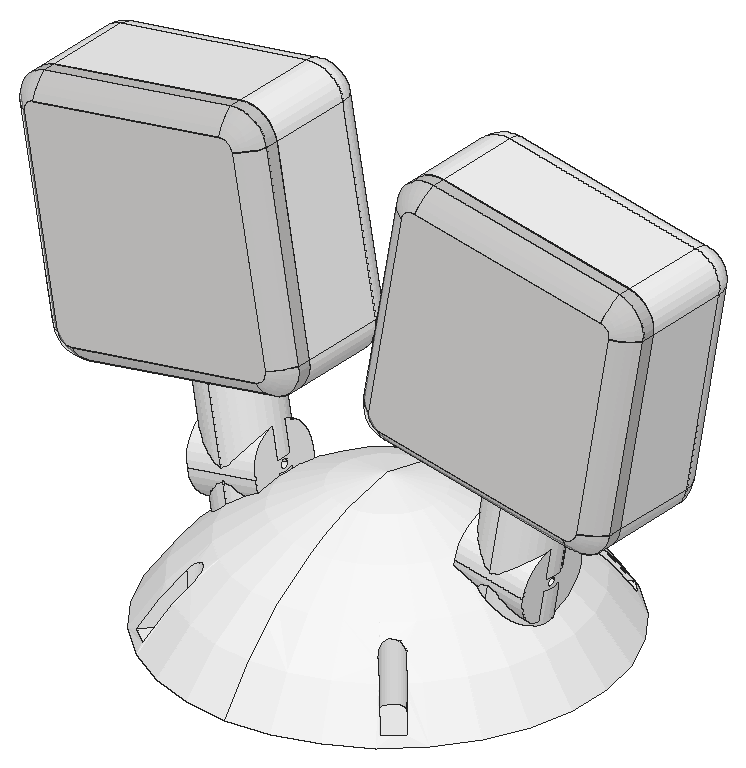
Revit family "CWRD", category Lighting Fixtures, host Face, Revit 2021
Family settings
  Host = Face
  Round Connector Dimension = Use Diameter
  Part Type = Normal
  OmniClass Number = 23.80.70.11.11
  OmniClass Title = General Luminaries, Non Directional
  Cut with Voids When Loaded = No
  Light Source = No
  Shared = No
  Room Calculation Point = No
Parameters (values of type "CWRD")
  Wattage Comments = "1W"
  Warranty = "2 year full unit warranty"
  URL = "https://www.currentlighting.com/compass"
  Type Comments = "Light Fixture"  # constant formula
  Steel = Metal-Galvanized_Steel
  Product Page URL = ""
  Product Doucumentation Link = ""
  Model = "CWRD"
  Manufacturer = "Compass Products"  # constant formula
  Lamp = "LED"
  Certification = "UL924 Damp Listed, NFPA 101 and NFPA 70"
  Glass = Glass -  White
  Features = "Constructed of heavy-duty die-cast with glass lens and\r\nchrome-plated metallized reflector\r\n•\t 8 LED’s per head using 1.0W at 9.6 VOLTS DC\r\n•\t LED life-cycle of more than 10 years\r\n•\t Operates from 9.6VDC input from the Compass CU2W\r\nEmergency Light\r\n•\t Lamp base mounts to single-gang switch box\r\n•\t Suitable for wall or ceiling mount"  # constant formula
  Description = "The CWR remote head can be applied over path of egress doors and in areas affected by rain, moisture and condensation. Includes mounting base and lamp-heads in durable die-cast construction. Lamp-heads are fully gasketed, fully adjustable and glare-free for operation in outdoor and wet environments. The CWR remote lamps are driven exclusively by the Compass CU2W with remote capacity."
  Default Elevation = 48.00"
  Copyrights = "© Compass Products"
  Contact Us = ""
  Body = Paint - Matte White
  Apparent Load = 1 VA
Reference planes (in)
  plane 1 "Center (Front/Back)": y = 0
  plane 2: z = 0
  plane 3 "Center (Left/Right)": x = 0
  plane 4: x = -3.35
  plane 5: x = 3.35
  plane 6: y = 2.3
  plane 7: y = -2.3
  plane 8: z = 2.6
  plane 9: y = 2.32113
  plane 10: y = -2.27887
  plane 11: z = 2.6
Forms (in)
  Revolve 1, solid, material "Paint - Matte White" <- "Body"
    sketch origin (0.0436, -4.33535, 4.35661) x (0, 0, -1) y (0, 1, 0)
      loop
        line (4.35654, 4.35654) -> (2.87484, 4.35654)
        arc (2.87484, 4.35654) -> (3.36172, 3.06426) -> (4.35654, 2.10647) r 3.13555
        line (4.35654, 2.10647) -> (4.35654, 4.35654)
      axis (2.87484, 4.35654) -> (4.35654, 4.35654)
    angle from 0 to 360
  Extrusion 2, void
    sketch origin (0.0436, 0.02113, 0) x (1, 0, 0) y (0, 1, 0)
      loop
        line (-1.53987, 1.64068) -> (-1.22063, 1.26023)
        arc (-1.22063, 1.26023) -> (-1.04453, 1.24482) -> (-1.02912, 1.42093) r 0.125
        line (-1.02912, 1.42093) -> (-1.34836, 1.80138)
        arc (-1.34836, 1.80138) -> (-1.44635, 1.72369) -> (-1.53987, 1.64068) r 2.25007
      loop
        arc (1.53987, 1.64068) -> (1.44635, 1.72369) -> (1.34836, 1.80138) r 2.25007
        line (1.34836, 1.80138) -> (1.02912, 1.42093)
        arc (1.02912, 1.42093) -> (1.04453, 1.24482) -> (1.22063, 1.26023) r 0.125
        line (1.22063, 1.26023) -> (1.53987, 1.64068)
      loop
        arc (-1.53987, -1.64068) -> (-1.44635, -1.72369) -> (-1.34836, -1.80138) r 2.25007
        line (-1.34836, -1.80138) -> (-1.02912, -1.42093)
        arc (-1.02912, -1.42093) -> (-1.04453, -1.24482) -> (-1.22063, -1.26023) r 0.125
        line (-1.22063, -1.26023) -> (-1.53987, -1.64068)
      loop
        line (1.53987, -1.64068) -> (1.22063, -1.26023)
        arc (1.22063, -1.26023) -> (1.04453, -1.24482) -> (1.02912, -1.42093) r 0.125
        line (1.02912, -1.42093) -> (1.34836, -1.80138)
        arc (1.34836, -1.80138) -> (1.44635, -1.72369) -> (1.53987, -1.64068) r 2.25007
    from 0.09155 to 0.89496
Cuts and joins
  Extrusion 2 cuts Revolve 1
Dimensions and locks (in)
  plane 8 to level = 2.60"
  plane 6 to plane 7 = 4.60"
  plane 7 to plane 6 = 4.60"
  aligned and locked: plane 2 to host face
  aligned and locked: level to host face
Nested families (in)
  nested 1: "Family1" at (-1.68691, -0.01509, -0.32285), type "Family1"
  nested 2: "Family1" at (1.68691, -0.01509, -0.32285) x (-1, 0, 0) z (0, 0, 1), type "Family1"
Connectors (in)
  electrical at (0.0436, 0.02119, 0.00007)
    settings: on cut or joined group of Revolve 1, Extrusion 2, index 1, voltage 120 V, apparent load 3 VA, apparent load phase1 0 VA, apparent load phase2 0 VA, apparent load phase3 0 VA, power factor 0.9, load classification "Other", number of poles 1, system type 30, power factor state 1, is connector primary yes, connector utility no, sub classification motor no, connector description "Lighting Connector"
Definition of nested family "Family1"
  Parameters
    Wattage = 9.2903 W
    built-in parameter 1150110 = 1 (stored number, unit not read)
    built-in parameter 1114217 = 1 (stored number, unit not read)
    Tilt Angle = 0.00°
    built-in parameter 1150109 = 1 (stored number, unit not read)
    built-in parameter 1150134 = 3
    built-in parameter 1150113 = 1 (stored number, unit not read)
    Steel = none
    Photometric Web File = "compass_led.ies"
    built-in parameter 1150105 = 28396.2 (stored number, unit not read)
    Lumens = 1380 lm
    built-in parameter 1150115 = 1 (stored number, unit not read)
    built-in parameter 1150137 = (empty or 0)
    built-in parameter 1150139 = (empty or 0)
    built-in parameter 1150112 = 1 (stored number, unit not read)
    built-in parameter 1150114 = 1 (stored number, unit not read)
    built-in parameter 1150132 = (empty or 0)
    built-in parameter 1150102 = (empty or 0)
    built-in parameter 1150107 = 3200 (stored number, unit not read)
    built-in parameter 1150138 = (empty or 0)
    built-in parameter 1150106 = 283.96 (stored number, unit not read)
    Glass = none
    built-in parameter 1150104 = 13.8 (stored number, unit not read)
    Dimming Lamp Color Temperature Shift = (empty or 0)
    Default Elevation = 48.00"
    Color Filter = 16777215
    Body = none
    built-in parameter 1114218 = 1 (stored number, unit not read)
    built-in parameter 1150133 = 10 (stored number, unit not read)
  Reference planes (in)
    plane 1 "Center (Front/Back)": y = 0
    plane 2: z = 0
    plane 3 "Center (Left/Right)": x = 0
  Forms (in)
    Extrusion 1, solid
      sketch origin (0, 0, 0) x (1, 0, 0) y (0, 1, 0)
        loop
          line (-48, 48) -> (-48, -48) -> (48, -48) -> (48, 48) -> (-48, 48)
      from 0 to -12
    Revolve 2, solid, material <- "Body"
      sketch origin (0.69109, 0.03595, -1.33402) x (0, 1, 0) y (-0.173648, 0, 0.984808)
        loop
          arc (-0.39452, 1.37492) -> (-0.19852, 1.43113) -> (0, 1.47769) r 4.17071
          line (0, 1.47769) -> (0, 2.39836)
          arc (0, 2.39836) -> (-0.25967, 2.48596) -> (-0.39452, 2.72453) r 0.38342
          line (-0.39452, 2.72453) -> (-0.39452, 1.37492)
        axis (0, 2.72453) -> (0, 1.37492)
      angle from 0 to 360
    Extrusion 3, solid, material <- "Body"
      sketch origin (0.69109, 0.03595, -1.33402) x (0, 1, 0) y (-0.173648, 0, 0.984808)
        loop
          circle (0, 2.79049) r 0.4
        loop
          circle (0, 2.79049) r 0.04727
      from -0.37955 to 0.38293
    Revolve 4, solid, material <- "Body"
      sketch origin (0.37586, 0.03595, 0.45373) x (0, 1, 0) y (-0.173648, 0, 0.984808)
        loop
          arc (-0.39452, 1.04113) -> (-0.25847, 1.28044) -> (0, 1.37516) r 0.4
          line (0, 1.37516) -> (0, 3.4479) -> (-0.39452, 3.4479) -> (-0.39452, 1.04113)
        axis (0, 3.4479) -> (0, 1.04113)
      angle from 0 to 360
    Extrusion 5, solid, material <- "Body"
      sketch origin (0.69109, 0.65556, -1.33402) x (0.984808, 0, 0.173648) y (-0.173648, 0, 0.984808)
        loop
          arc (-1.05587, 6.58476) -> (-1.28159, 6.49126) -> (-1.37509, 6.26554) r 0.31922
          line (-1.37509, 6.26554) -> (-1.37509, 4.17631)
          arc (-1.37509, 4.17631) -> (-1.27505, 3.9348) -> (-1.03354, 3.83476) r 0.34155
          line (-1.03354, 3.83476) -> (1.0359, 3.83476)
          arc (1.0359, 3.83476) -> (1.27562, 3.93406) -> (1.37491, 4.17378) r 0.33902
          line (1.37491, 4.17378) -> (1.37491, 6.24282)
          arc (1.37491, 6.24282) -> (1.27476, 6.48461) -> (1.03297, 6.58476) r 0.34195
          line (1.03297, 6.58476) -> (-1.05587, 6.58476)
      from 0 to 1.19779
    Extrusion 6, solid, material <- "Glass"
      sketch origin (0.69109, 0.03595, -1.33402) x (0.984808, 0, 0.173648) y (-0.173648, 0, 0.984808)
        loop
          line (1.03297, 6.58476) -> (-1.05587, 6.58476)
          arc (-1.05587, 6.58476) -> (-1.28159, 6.49126) -> (-1.37509, 6.26554) r 0.31922
          line (-1.37509, 6.26554) -> (-1.37509, 4.17631)
          arc (-1.37509, 4.17631) -> (-1.27505, 3.9348) -> (-1.03354, 3.83476) r 0.34155
          line (-1.03354, 3.83476) -> (1.0359, 3.83476)
          arc (1.0359, 3.83476) -> (1.27562, 3.93406) -> (1.37491, 4.17378) r 0.33902
          line (1.37491, 4.17378) -> (1.37491, 6.24282)
          arc (1.37491, 6.24282) -> (1.27476, 6.48461) -> (1.03297, 6.58476) r 0.34195
      from 0.71412 to 0.92404
    Sweep 7, void
      path in 3D
        loop
          arc (-1.49217, -0.88809, 4.96736) -> (-1.69823, -0.88809, 4.83608) -> (-1.75111, -0.88809, 4.59756) r 0.31922
          line (-1.75111, -0.88809, 4.59756) -> (-1.38831, -0.88809, 2.54007)
          arc (-1.38831, -0.88809, 2.54007) -> (-1.24786, -0.88809, 2.31959) -> (-0.99264, -0.88809, 2.26301) r 0.34155
          line (-0.99264, -0.88809, 2.26301) -> (1.04535, -0.88809, 2.62237)
          arc (1.04535, -0.88809, 2.62237) -> (1.26419, -0.88809, 2.76178) -> (1.32035, -0.88809, 3.0151) r 0.33902
          line (1.32035, -0.88809, 3.0151) -> (0.96106, -0.88809, 5.05271)
          arc (0.96106, -0.88809, 5.05271) -> (0.82044, -0.88809, 5.27343) -> (0.56493, -0.88809, 5.33008) r 0.34195
          line (0.56493, -0.88809, 5.33008) -> (-1.49217, -0.88809, 4.96736)
      profile origin (-0.46362, -0.88809, 5.14872) x (0, -1, 0) y (-0.173648, 0, 0.984808)
        loop
          arc (-0.20992, 0) -> (-0.08745, -0.08745) -> (0, -0.20992) r 0.45722
          line (0, -0.20992) -> (0, 0) -> (-0.20992, 0)
    Extrusion 8, solid, material <- "Steel"
      sketch origin (0.69109, 0.03595, -1.33402) x (0.984808, 0, 0.173648) y (-0.173648, 0, 0.984808)
        loop
          line (1.03297, 6.58476) -> (-1.05587, 6.58476)
          arc (-1.05587, 6.58476) -> (-1.28159, 6.49126) -> (-1.37509, 6.26554) r 0.31922
          line (-1.37509, 6.26554) -> (-1.37509, 4.17631)
          arc (-1.37509, 4.17631) -> (-1.27505, 3.9348) -> (-1.03354, 3.83476) r 0.34155
          line (-1.03354, 3.83476) -> (1.0359, 3.83476)
          arc (1.0359, 3.83476) -> (1.27562, 3.93406) -> (1.37491, 4.17378) r 0.33902
          line (1.37491, 4.17378) -> (1.37491, 6.24282)
          arc (1.37491, 6.24282) -> (1.27476, 6.48461) -> (1.03297, 6.58476) r 0.34195
      from 0.57819 to 0.71412
    Sweep 9, void
      path in 3D
        loop
          arc (0.56493, 0.65556, 5.33008) -> (0.82044, 0.65556, 5.27343) -> (0.96106, 0.65556, 5.05271) r 0.34195
          line (0.96106, 0.65556, 5.05271) -> (1.32035, 0.65556, 3.0151)
          arc (1.32035, 0.65556, 3.0151) -> (1.26419, 0.65556, 2.76178) -> (1.04535, 0.65556, 2.62237) r 0.33902
          line (1.04535, 0.65556, 2.62237) -> (-0.99264, 0.65556, 2.26301)
          arc (-0.99264, 0.65556, 2.26301) -> (-1.24786, 0.65556, 2.31959) -> (-1.38831, 0.65556, 2.54007) r 0.34155
          line (-1.38831, 0.65556, 2.54007) -> (-1.75111, 0.65556, 4.59756)
          arc (-1.75111, 0.65556, 4.59756) -> (-1.69823, 0.65556, 4.83608) -> (-1.49217, 0.65556, 4.96736) r 0.31922
          line (-1.49217, 0.65556, 4.96736) -> (0.56493, 0.65556, 5.33008)
      profile origin (-0.46362, 0.65556, 5.14872) x (0, 1, 0) y (-0.173648, 0, 0.984808)
        loop
          arc (-0.27926, 0) -> (-0.08179, -0.08179) -> (0, -0.27926) r 0.27926
          line (0, -0.27926) -> (0, 0) -> (-0.27926, 0)
  Cuts and joins
    Sweep 7 cuts Extrusion 6
    Sweep 9 cuts Extrusion 5
  Lines and regions (in)
    sketch lines
      curve 1: line (0.56493, -0.88809, 5.33008) -> (-1.49217, -0.88809, 4.96736)
      curve 2: arc (-1.75111, -0.88809, 4.59756) -> (-1.69823, -0.88809, 4.83608) -> (-1.49217, -0.88809, 4.96736) r 0.31922
      curve 3: line (-1.75111, -0.88809, 4.59756) -> (-1.38831, -0.88809, 2.54007)
      curve 4: arc (-0.99264, -0.88809, 2.26301) -> (-1.24786, -0.88809, 2.31959) -> (-1.38831, -0.88809, 2.54007) r 0.34155
      curve 5: line (-0.99264, -0.88809, 2.26301) -> (1.04535, -0.88809, 2.62237)
      curve 6: arc (1.32035, -0.88809, 3.0151) -> (1.26419, -0.88809, 2.76178) -> (1.04535, -0.88809, 2.62237) r 0.33902
      curve 7: line (1.32035, -0.88809, 3.0151) -> (0.96106, -0.88809, 5.05271)
      curve 8: arc (0.56493, -0.88809, 5.33008) -> (0.82044, -0.88809, 5.27343) -> (0.96106, -0.88809, 5.05271) r 0.34195
      curve 9: line (-1.49217, 0.65556, 4.96736) -> (0.56493, 0.65556, 5.33008)
      curve 10: arc (0.96106, 0.65556, 5.05271) -> (0.82044, 0.65556, 5.27343) -> (0.56493, 0.65556, 5.33008) r 0.34195
      curve 11: line (0.96106, 0.65556, 5.05271) -> (1.32035, 0.65556, 3.0151)
      curve 12: arc (-1.49217, 0.65556, 4.96736) -> (-1.69823, 0.65556, 4.83608) -> (-1.75111, 0.65556, 4.59756) r 0.31922
      curve 13: line (-1.38831, 0.65556, 2.54007) -> (-1.75111, 0.65556, 4.59756)
      curve 14: arc (-1.38831, 0.65556, 2.54007) -> (-1.24786, 0.65556, 2.31959) -> (-0.99264, 0.65556, 2.26301) r 0.34155
      curve 15: line (1.04535, 0.65556, 2.62237) -> (-0.99264, 0.65556, 2.26301)
      curve 16: arc (1.04535, 0.65556, 2.62237) -> (1.26419, 0.65556, 2.76178) -> (1.32035, 0.65556, 3.0151) r 0.33902
  Dimensions and locks (in)
    aligned and locked: plane 2 to Extrusion 1
    aligned and locked: level to Extrusion 1
